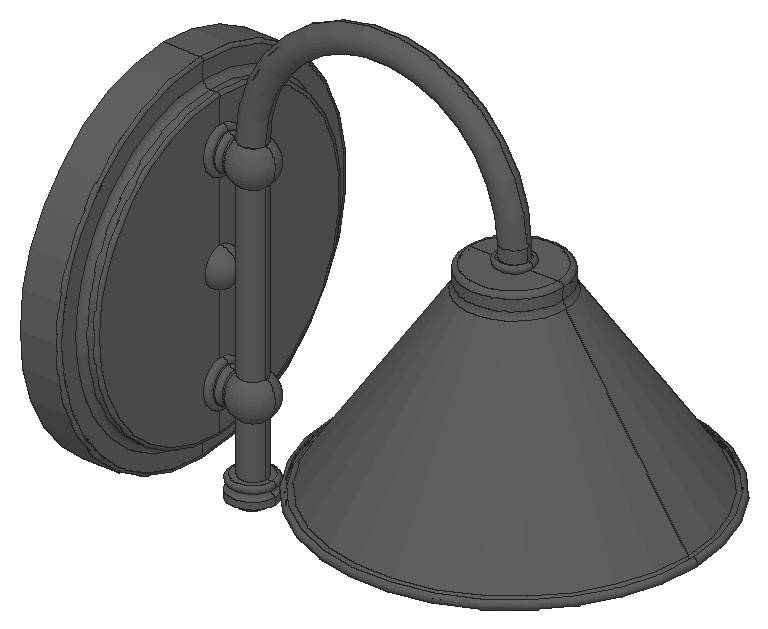
Revit family "Mini Wall Mount 1928 LED", category Lighting Fixtures, Revit 2020
Family settings
  Round Connector Dimension = Use Diameter
  Part Type = Normal
  OmniClass Number = 23.80.70.00
  OmniClass Title = Lighting
  Work Plane-Based = No
  Always vertical = Yes
  Cut with Voids When Loaded = No
  Light Source = Yes
  Shared = No
  Room Calculation Point = No
Parameters (values of type "WM1928")
  Weight = "4.0 lbs"
  Wattage Comments = "9W"
  Wattage = 0.68 W
  Warranty = "5 year limited warranty"  # constant formula
  WM1928 = yes
  built-in parameter 1150110 = 1 (stored number, unit not read)
  Voltage = 277 V
  URL = "https://www.anplighting.com/assets/Uploads/product-attachments/specification-sheets/ANP-Specification-Sheet-RLM-LED-WM1928.pdf"
  built-in parameter 1114217 = 1 (stored number, unit not read)
  Tilt Angle = 90.00°
  built-in parameter 1150109 = 1 (stored number, unit not read)
  built-in parameter 1150134 = 12
  built-in parameter 1150113 = 1 (stored number, unit not read)
  Power Factor = 1
  Placement X axis side [instance] = 0' - 6 179/256"  # constant formula
  Photometric Web File = "generic.ies"
  Model = "WM1928"
  Manufacturer = "ANP Lighting"  # constant formula
  built-in parameter 1150105 = 67.641 (stored number, unit not read)
  Lumens = 850 lm
  built-in parameter 1150115 = 1 (stored number, unit not read)
  Load Classification = Lighting
  Light Source Height [instance] = 0' - 2 45/128"  # constant formula
  built-in parameter 1150137 = (empty or 0)
  built-in parameter 1150139 = (empty or 0)
  Light Elevation _2 [instance] = 0' - 1 137/256"  # constant formula
  Light Elevation _1 [instance] = 0' - 0 7/8"  # constant formula
  Light Elevation [instance] = 0' - 0"  # constant formula
  built-in parameter 1150112 = 1 (stored number, unit not read)
  built-in parameter 1150114 = 1 (stored number, unit not read)
  Lamp = "LED"
  built-in parameter 1150132 = 2
  built-in parameter 1150102 = (empty or 0)
  built-in parameter 1150107 = 4000 (stored number, unit not read)
  built-in parameter 1150138 = (empty or 0)
  built-in parameter 1150106 = 0.67641 (stored number, unit not read)
  INSIDE BODY = INSIDE BODY
  Fixture Height = 0' - 5 1/8"
  Fixture Diameter = 0' - 10 1/4"
  built-in parameter 1150104 = 116.13 (stored number, unit not read)
  Dimming Lamp Color Temperature Shift = <None>
  Description = "120-277 Voltage"  # constant formula
  Default Elevation = 0' - 0"
  Construction Material = "Heavy Duty spun aluminum."  # constant formula
  Color Filter = 16777215
  Bulb = Bulb
  Body Material = body
  Body Colour = "Spun aluminium"  # constant formula
  built-in parameter 1114218 = 1 (stored number, unit not read)
  built-in parameter 1150133 = 10 (stored number, unit not read)
  Apparent Load = 9 VA
Reference planes (in)
  plane 1 "Light Source Axis (F/B)": y = 0
  plane 2: z = 0
  plane 3 "Light Source Axis (L/R)": x = 0
  plane 4 "Light Source Elevation": z = 0
  plane 5: z = 0
  plane 6: x = 6.69922
  plane 7 "Bulb Position": z = -1.53516
  plane 8 "Canopy Position": z = -0.875
  plane 9 "IES": z = -3.88672
Dimensions and locks (in)
  "Light Elevation": plane 5 to plane 2
  "Placement X axis side": plane 6 to plane 3 "Light Source Axis (L/R)"
  "Light Elevation _2": plane 5 to plane 7 "Bulb Position"
  "Light Elevation _1": plane 5 to plane 8 "Canopy Position"
  "Light Source Height": plane 7 "Bulb Position" to plane 9 "IES"
  locked: plane 4 "Light Source Elevation" to plane 2
  aligned and locked: level to plane 2
  aligned and locked: imposter light to plane 9 "IES"
  aligned and locked: plane 6 to imposter light
  aligned and locked: plane 3 "Light Source Axis (L/R)" to nested 1
  aligned and locked: nested 1 to plane 3 "Light Source Axis (L/R)"
  aligned and locked: plane 5 to nested 1
Nested families (in)
  nested 1: "WM1928" at (0, 0, -8.0966) x (-1, 0, 0) z (0, 0, 1), visible <- "WM1928", wm28 <- "WM1928", type "WM1928"
Definition of nested family "WM1928"
  Parameters (values of type "WM1928")
    wm28 [instance] = yes
    WM1928 = none
    Default Elevation = 0' - 0"
  Reference planes (in)
    plane 1 "Center (Front/Back)": y = 0
    plane 2: z = 0
    plane 3 "Center (Left/Right)": x = 0
  Forms (in)
    Revolve 1, solid, material <- "WM1928", visible <- "wm28"
      sketch origin (0, 0, 0) x (1, 0, 0) y (0, 0, 1)
        loop
          arc (-10.0125, 2.87785) -> (-10.06102, 2.82378) -> (-10.12187, 2.7841) r 0.2783
          arc (-10.12187, 2.7841) -> (-10.1375, 2.79972) -> (-10.12187, 2.81535) r 0.01563
          line (-10.12187, 2.81535) -> (-10.12187, 2.87785)
          arc (-10.12187, 2.87785) -> (-10.19944, 2.79036) -> (-10.10328, 2.72384) r 0.07813
          arc (-10.10328, 2.72384) -> (-10.02388, 2.77333) -> (-9.96093, 2.84254) r 0.3408
          line (-9.96093, 2.84254) -> (-7.62965, 6.24744)
          arc (-7.62965, 6.24744) -> (-7.58897, 6.33158) -> (-7.575, 6.42399) r 0.3125
          line (-7.575, 6.42399) -> (-7.575, 6.6316)
          arc (-7.575, 6.6316) -> (-7.56695, 6.65105) -> (-7.5475, 6.6591) r 0.0275
          line (-7.5475, 6.6591) -> (-6.8875, 6.6591) -> (-6.8875, 6.7216) -> (-7.5475, 6.7216)
          arc (-7.5475, 6.7216) -> (-7.61114, 6.69524) -> (-7.6375, 6.6316) r 0.09
          line (-7.6375, 6.6316) -> (-7.6375, 6.42399)
          arc (-7.6375, 6.42399) -> (-7.64868, 6.35006) -> (-7.68122, 6.28275) r 0.25
          line (-7.68122, 6.28275) -> (-10.0125, 2.87785)
        axis (-6.7, 2.72384) -> (-6.7, 6.7216)
      angle from 0 to 360
    Sweep 2, solid, material <- "WM1928", visible <- "wm28"
      path origin (0, 0, 0) x (1, 0, 0) y (0, 0, 1)
        loop
          line (-1.7, 1.2209) -> (-1.7, 7.08064)
          arc (-1.7, 7.08064) -> (-4.2, 9.58064) -> (-6.7, 7.08064) r 2.5
          line (-6.7, 7.08064) -> (-6.7, 6.7216)
      profile origin (-4.2, 0, 9.58064) x (0, 0, -1) y (0, -1, 0)
        loop
          circle (0, 0) r 0.25
        loop
          circle (0, 0) r 0.1875
    Revolve 3, solid, material <- "WM1928", visible <- "wm28"
      sketch origin (0, 0, 0) x (1, 0, 0) y (0, 0, 1)
        loop
          line (-6.98527, 6.7216) -> (-6.89397, 6.7216) -> (-6.89397, 6.8466) -> (-6.98527, 6.8466)
          arc (-6.98527, 6.8466) -> (-7.04777, 6.7841) -> (-6.98527, 6.7216) r 0.0625
        axis (-6.7, 6.7216) -> (-6.7, 6.8466)
      angle from 0 to 360
    Revolve 4, solid, material <- "WM1928", visible <- "wm28"
      sketch origin (0, 0, 0) x (1, 0, 0) y (0, 0, 1)
        loop
          arc (-1.4175, 7.05567) -> (-1.88414, 7.11846) -> (-2.1375, 6.7216) r 0.4375
          line (-2.1375, 6.7216) -> (-1.0625, 6.7216) -> (-1.0625, 7.0816)
          arc (-1.0625, 7.0816) -> (-1.14639, 7.1532) -> (-1.20392, 7.0591) r 0.0725
          line (-1.20392, 7.0591) -> (-1.23875, 7.0591)
          arc (-1.23875, 7.0591) -> (-1.31159, 7.01847) -> (-1.38625, 7.05567) r 0.08937
          line (-1.38625, 7.05567) -> (-1.4175, 7.05567)
        axis (-1.0625, 6.7216) -> (-2.1375, 6.7216)
      angle from 0 to 360
    Revolve 5, solid, material <- "WM1928", visible <- "wm28"
      sketch origin (0, 0, -4) x (1, 0, 0) y (0, 0, 1)
        loop
          arc (-1.4175, 7.05567) -> (-1.88414, 7.11846) -> (-2.1375, 6.7216) r 0.4375
          line (-2.1375, 6.7216) -> (-1.0625, 6.7216) -> (-1.0625, 7.0816)
          arc (-1.0625, 7.0816) -> (-1.14639, 7.1532) -> (-1.20392, 7.0591) r 0.0725
          line (-1.20392, 7.0591) -> (-1.23875, 7.0591)
          arc (-1.23875, 7.0591) -> (-1.31159, 7.01847) -> (-1.38625, 7.05567) r 0.08937
          line (-1.38625, 7.05567) -> (-1.4175, 7.05567)
        axis (-1.0625, 6.7216) -> (-2.1375, 6.7216)
      angle from 0 to 360
    Revolve 6, solid, material <- "WM1928", visible <- "wm28"
      sketch origin (0, 0, 0) x (1, 0, 0) y (0, 0, 1)
        loop
          line (0, 8.1591) -> (-0.6875, 8.1591)
          arc (-0.6875, 8.1591) -> (-0.73169, 8.14079) -> (-0.75, 8.0966) r 0.0625
          line (-0.75, 8.0966) -> (-0.75, 7.7841)
          arc (-0.75, 7.7841) -> (-0.78661, 7.69571) -> (-0.875, 7.6591) r 0.125
          line (-0.875, 7.6591) -> (-1, 7.6591)
          arc (-1, 7.6591) -> (-1.04419, 7.64079) -> (-1.0625, 7.5966) r 0.0625
          line (-1.0625, 7.5966) -> (-1.0625, 4.7216) -> (-1, 4.7216) -> (-1, 7.5966) -> (-0.875, 7.5966)
          arc (-0.875, 7.5966) -> (-0.74242, 7.65152) -> (-0.6875, 7.7841) r 0.1875
          line (-0.6875, 7.7841) -> (-0.6875, 8.0966) -> (0, 8.0966) -> (0, 8.1591)
        axis (0, 4.7216) -> (-1.0625, 4.7216)
      angle from 0 to 360
    Revolve 7, solid, material <- "WM1928", visible <- "wm28"
      sketch origin (0, 0, 0) x (1, 0, 0) y (0, 0, 1)
        loop
          arc (-2.06851, 1.23756) -> (-2.06122, 1.152) -> (-2.1375, 1.11256) r 0.07725
          line (-2.1375, 1.11256) -> (-2.1375, 0.98927) -> (-2.02012, 0.94358) -> (-1.97197, 0.87481) -> (-1.7, 0.86256) -> (-1.7, 1.36256) -> (-2.06851, 1.36256)
          arc (-2.06851, 1.36256) -> (-2.13101, 1.30006) -> (-2.06851, 1.23756) r 0.0625
        axis (-1.7, 1.36256) -> (-1.7, 0.86256)
      angle from 0 to 360
    Revolve 8, solid, material <- "WM1928", visible <- "wm28"
      sketch origin (0, 0, -2.00994) x (1, 0, 0) y (0, 0, 1)
        loop
          arc (-1.0625, 7.0816) -> (-1.31706, 6.97616) -> (-1.4225, 6.7216) r 0.36
          line (-1.4225, 6.7216) -> (-1.0625, 6.7216) -> (-1.0625, 7.0816)
        axis (-1.0625, 6.7216) -> (-1.4225, 6.7216)
      angle from 0 to 360
  Dimensions and locks (in)
    aligned and locked: plane 2 to level
